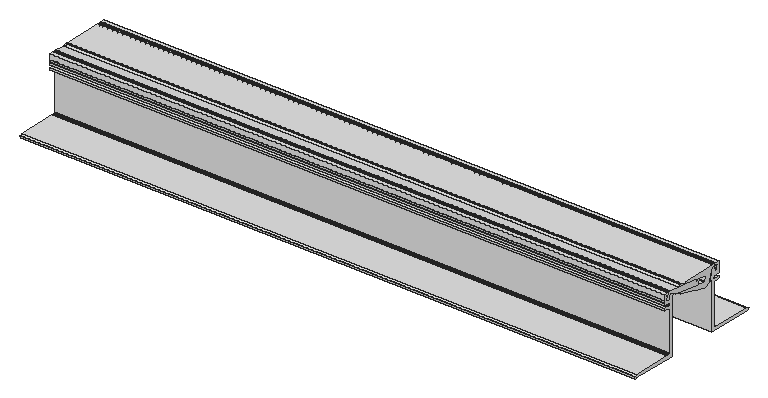
Revit family "Construction-Floors-Conecto-Aluminium Joints ALU AL.110.15", category Specialty Equipment, Revit 2015 (continued)
Definition of nested family "Rubber"
  Automatic sketch dimensions
    Extrusion 1 sketch curve to Extrusion 1 sketch curve = 1.418 mm
    level to Extrusion 1 sketch curve = 3.055 mm
    Extrusion 1 sketch curve to Extrusion 1 sketch curve = 0.294 mm
    level to Extrusion 1 sketch curve = 3.987 mm
    Extrusion 1 sketch curve to Extrusion 1 sketch curve = 0.495 mm
    level to Extrusion 1 sketch curve = 4.59 mm
    Extrusion 1 sketch curve to Extrusion 1 sketch curve = 0.524 mm
    level to Extrusion 1 sketch curve = 5.134 mm
    Extrusion 1 sketch curve to Extrusion 1 sketch curve = 0.696 mm
    level to Extrusion 1 sketch curve = 5.613 mm
    Extrusion 1 sketch curve to Extrusion 1 sketch curve = 0.902 mm
    level to Extrusion 1 sketch curve = 5.784 mm
    Extrusion 1 sketch curve to Extrusion 1 sketch curve = 1.385 mm
    Extrusion 1 sketch curve to Extrusion 1 sketch curve = 0.153 mm
    level to Extrusion 1 sketch curve = 5.623 mm
    Extrusion 1 sketch curve to Extrusion 1 sketch curve = 1.139 mm
    level to Extrusion 1 sketch curve = 9.504 mm
    Extrusion 1 sketch curve to Extrusion 1 sketch curve = 1.058 mm
    level to Extrusion 1 sketch curve = 5.284 mm
    Extrusion 1 sketch curve to Extrusion 1 sketch curve = 0.728 mm
    level to Extrusion 1 sketch curve = 4.742 mm
    Extrusion 1 sketch curve to Extrusion 1 sketch curve = 0.804 mm
    level to Extrusion 1 sketch curve = 9.126 mm
    Extrusion 1 sketch curve to Extrusion 1 sketch curve = 1.637 mm
    level to Extrusion 1 sketch curve = 4.185 mm
    Extrusion 1 sketch curve to Extrusion 1 sketch curve = 0.557 mm
    level to Extrusion 1 sketch curve = 3.521 mm
    Extrusion 1 sketch curve to Extrusion 1 sketch curve = 0.431 mm
    Extrusion 1 sketch curve to level = 0.209 mm
    Extrusion 1 sketch curve to Extrusion 1 sketch curve = 0.111 mm
    level to Extrusion 1 sketch curve = 0.725 mm
    Extrusion 1 sketch curve to Extrusion 1 sketch curve = 0.233 mm
    level to Extrusion 1 sketch curve = 2.484 mm
    Extrusion 1 sketch curve to Extrusion 1 sketch curve = 0.357 mm
    level to Extrusion 1 sketch curve = 1.621 mm
    Extrusion 1 sketch curve to Extrusion 1 sketch curve = 0.121 mm
    Extrusion 1 sketch curve to level = 1.128 mm
    Extrusion 1 sketch curve to Extrusion 1 sketch curve = 0.371 mm
    level to Extrusion 1 sketch curve = 7.972 mm
    Extrusion 1 sketch curve to Extrusion 1 sketch curve = 1.999 mm
    Extrusion 1 sketch curve to level = 1.212 mm
    Extrusion 1 sketch curve to Extrusion 1 sketch curve = 0.806 mm
    level to Extrusion 1 sketch curve = 6.502 mm
    Extrusion 1 sketch curve to level = 0.913 mm
    Extrusion 1 sketch curve to Extrusion 1 sketch curve = 1.696 mm
    level to Extrusion 1 sketch curve = 4.732 mm
    Extrusion 1 sketch curve to Extrusion 1 sketch curve = 0.981 mm
    Extrusion 1 sketch curve to level = 0.781 mm
    Extrusion 1 sketch curve to Extrusion 1 sketch curve = 0.836 mm
    level to Extrusion 1 sketch curve = 3.842 mm
    Extrusion 1 sketch curve to Extrusion 1 sketch curve = 0.324 mm
    Extrusion 1 sketch curve to level = 0.025 mm
    Extrusion 1 sketch curve to Extrusion 1 sketch curve = 0.305 mm
    level to Extrusion 1 sketch curve = 2.473 mm
    Extrusion 1 sketch curve to Extrusion 1 sketch curve = 0.241 mm
    level to Extrusion 1 sketch curve = 0.803 mm
    Extrusion 1 sketch curve to Extrusion 1 sketch curve = 0.087 mm
    level to Extrusion 1 sketch curve = 1.604 mm
    Extrusion 1 sketch curve to Extrusion 1 sketch curve = 0.084 mm
    level to Extrusion 1 sketch curve = 7.429 mm
    Extrusion 1 sketch curve to Extrusion 1 sketch curve = 0.802 mm
    level to Extrusion 1 sketch curve = 7.394 mm
    Extrusion 1 sketch curve to Extrusion 1 sketch curve = 0.053 mm
    Extrusion 1 sketch curve to Extrusion 1 sketch curve = 1.184 mm
    level to Extrusion 1 sketch curve = 0.139 mm
    level to Extrusion 2 sketch curve = 1.7 mm
    plane 1 "Center (Front/Back)" to Extrusion 2 sketch curve = 59.491 mm
    level to Extrusion 2 sketch curve = 0.161 mm
    Extrusion 2 sketch curve to Extrusion 2 sketch curve = 0.216 mm
    level to Extrusion 2 sketch curve = 3.671 mm
    Extrusion 2 sketch curve to Extrusion 2 sketch curve = 0.312 mm
    Extrusion 2 sketch curve to level = 0.764 mm
    Extrusion 2 sketch curve to Extrusion 2 sketch curve = 0.248 mm
    level to Extrusion 2 sketch curve = 5.199 mm
    Extrusion 2 sketch curve to Extrusion 2 sketch curve = 0.409 mm
    level to Extrusion 2 sketch curve = 6.933 mm
    Extrusion 2 sketch curve to Extrusion 2 sketch curve = 1.214 mm
    Extrusion 2 sketch curve to level = 1.256 mm
    Extrusion 2 sketch curve to Extrusion 2 sketch curve = 2.79 mm
    level to Extrusion 2 sketch curve = 8.419 mm
    Extrusion 2 sketch curve to Extrusion 2 sketch curve = 1.834 mm
    level to Extrusion 2 sketch curve = 1.745 mm
    Extrusion 2 sketch curve to Extrusion 2 sketch curve = 0.662 mm
    Extrusion 2 sketch curve to level = 0.948 mm
    Extrusion 2 sketch curve to Extrusion 2 sketch curve = 0.764 mm
    level to Extrusion 2 sketch curve = 2.6 mm
    Extrusion 2 sketch curve to Extrusion 2 sketch curve = 0.135 mm
    Extrusion 2 sketch curve to level = 0.104 mm
    Extrusion 2 sketch curve to Extrusion 2 sketch curve = 0.258 mm
    level to Extrusion 2 sketch curve = 3.599 mm
    Extrusion 2 sketch curve to Extrusion 2 sketch curve = 0.364 mm
    level to Extrusion 2 sketch curve = 4.278 mm
    Extrusion 2 sketch curve to Extrusion 2 sketch curve = 0.458 mm
    level to Extrusion 2 sketch curve = 4.889 mm
    Extrusion 2 sketch curve to Extrusion 2 sketch curve = 0.679 mm
    level to Extrusion 2 sketch curve = 9.363 mm
    Extrusion 2 sketch curve to Extrusion 2 sketch curve = 2.025 mm
    level to Extrusion 2 sketch curve = 5.32 mm
    Extrusion 2 sketch curve to Extrusion 2 sketch curve = 0.663 mm
    level to Extrusion 2 sketch curve = 5.632 mm
    Extrusion 2 sketch curve to Extrusion 2 sketch curve = 0.737 mm
    level to Extrusion 2 sketch curve = 5.781 mm
    Extrusion 2 sketch curve to Extrusion 2 sketch curve = 1.054 mm
    level to Extrusion 2 sketch curve = 9.702 mm
    Extrusion 2 sketch curve to Extrusion 2 sketch curve = 2.41 mm
    level to Extrusion 2 sketch curve = 5.612 mm
    Extrusion 2 sketch curve to Extrusion 2 sketch curve = 1.37 mm
    level to Extrusion 2 sketch curve = 5.257 mm
    Extrusion 2 sketch curve to Extrusion 2 sketch curve = 0.73 mm
    level to Extrusion 2 sketch curve = 4.76 mm
    Extrusion 2 sketch curve to Extrusion 2 sketch curve = 0.895 mm
    level to Extrusion 2 sketch curve = 4.227 mm
    Extrusion 2 sketch curve to Extrusion 2 sketch curve = 0.888 mm
    level to Extrusion 2 sketch curve = 3.499 mm
    Extrusion 2 sketch curve to Extrusion 2 sketch curve = 1.314 mm
    level to Extrusion 2 sketch curve = 2.714 mm
    level to Extrusion 2 sketch curve = 1.067 mm
    Extrusion 2 sketch curve to Extrusion 2 sketch curve = 1.332 mm
    level to Extrusion 2 sketch curve = 0.056 mm
    Extrusion 2 sketch curve to Extrusion 2 sketch curve = 0.271 mm
    level to Extrusion 2 sketch curve = 2.409 mm
    Extrusion 2 sketch curve to Extrusion 2 sketch curve = 0.839 mm
    Extrusion 2 sketch curve to level = 0.368 mm
    Extrusion 2 sketch curve to Extrusion 2 sketch curve = 1.701 mm
    level to Extrusion 2 sketch curve = 2.059 mm
    Extrusion 2 sketch curve to Extrusion 2 sketch curve = 1.974 mm
    Extrusion 2 sketch curve to level = 0.121 mm
    Extrusion 2 sketch curve to Extrusion 2 sketch curve = 0.921 mm
    level to Extrusion 2 sketch curve = 0.586 mm
    Extrusion 2 sketch curve to Extrusion 2 sketch curve = 0.495 mm
    level to Extrusion 2 sketch curve = 1.769 mm
    Extrusion 2 sketch curve to Extrusion 2 sketch curve = 2.186 mm
    Extrusion 2 sketch curve to Extrusion 2 sketch curve = 6.068 mm
    Extrusion 2 sketch curve to level = 0.044 mm
    level to Extrusion 2 sketch curve = 1.372 mm
    Extrusion 2 sketch curve to Extrusion 2 sketch curve = 0.365 mm
    level to Extrusion 2 sketch curve = 1.348 mm
    Extrusion 2 sketch curve to level = 6.287 mm
    Extrusion 2 sketch curve to Extrusion 2 sketch curve = 1.549 mm
Types (20, lengths in mm): name | Rubber Level | N CV | N | Length (mm) | built-in parameter 1001306 | 97 CV | 97 | .87 CV | .87 | .77 CV | .77 | .62 CV | .62 | .52 CV | .52 | 42 CV | 42 | .30 CV | .30 | .22 CV | .22 | .15 CV | .15 | #CONST_.20-70
  Aluminium Joints ALU AL.110.15.22 CV | 0 | no | no | 1000 | 1000 | no | no | no | no | no | no | no | no | no | no | no | no | no | no | yes | no | no | no | 70
  Aluminium Joints ALU AL.110.15.42 CV | 0 | no | no | 1000 | 1000 | no | no | no | no | no | no | no | no | no | no | yes | no | no | no | no | no | no | no | 30
  Aluminium Joints ALU AL.110.15.87 CV | 0 | no | no | 1000 | 1000 | no | no | yes | no | no | no | no | no | no | no | no | no | no | no | no | no | no | no | 50
  Aluminium Joints ALU AL.110.15.15 | 0 | no | no | 1000 | 1000 | no | no | no | no | no | no | no | no | no | no | no | no | no | no | no | no | no | yes | 60
  Aluminium Joints ALU AL.110.15.52 | 0 | no | no | 1000 | 1000 | no | no | no | no | no | no | no | no | no | yes | no | no | no | no | no | no | no | no | 70
  Aluminium Joints ALU AL.110.15.62 CV | 0 | no | no | 1000 | 1000 | no | no | no | no | no | no | yes | no | no | no | no | no | no | no | no | no | no | no | 70
  Aluminium Joints ALU AL.110.15.30 | 0 | no | no | 1000 | 1000 | no | no | no | no | no | no | no | no | no | no | no | no | no | yes | no | no | no | no | 70
  Aluminium Joints ALU AL.110.15.62 | 0 | no | no | 1000 | 1000 | no | no | no | no | no | no | no | yes | no | no | no | no | no | no | no | no | no | no | 50
  Aluminium Joints ALU AL.110.15.87 | 0 | no | no | 1000 | 1000 | no | no | no | yes | no | no | no | no | no | no | no | no | no | no | no | no | no | no | 70
  Aluminium Joints ALU AL.110.15 N CV | 4.5 | yes | no | 1000 | 1000 | no | no | no | no | no | no | no | no | no | no | no | no | no | no | no | no | no | no | 70
  Aluminium Joints ALU AL.110.15.77 | 0 | no | no | 1000 | 1000 | no | no | no | no | no | yes | no | no | no | no | no | no | no | no | no | no | no | no | 70
  Aluminium Joints ALU AL.110.15 N | 4.5 | no | yes | 1000 | 1000 | no | no | no | no | no | no | no | no | no | no | no | no | no | no | no | no | no | no | 70
  Aluminium Joints ALU AL.110.15.77 CV | 0 | no | no | 1000 | 1000 | no | no | no | no | yes | no | no | no | no | no | no | no | no | no | no | no | no | no | 70
  Aluminium Joints ALU AL.110.15.97 | 0 | no | no | 1000 | 1000 | no | yes | no | no | no | no | no | no | no | no | no | no | no | no | no | no | no | no | 70
  Aluminium Joints ALU AL.110.15.15 CV | 0 | no | no | 1000 | 1000 | no | no | no | no | no | no | no | no | no | no | no | no | no | no | no | no | yes | no | 70
  Aluminium Joints ALU AL.110.15.30 CV | 0 | no | no | 1000 | 1000 | no | no | no | no | no | no | no | no | no | no | no | no | yes | no | no | no | no | no | 20
  Aluminium Joints ALU AL.110.15.52 CV | 0 | no | no | 1000 | 1000 | no | no | no | no | no | no | no | no | yes | no | no | no | no | no | no | no | no | no | 30
  Aluminium Joints ALU AL.110.15.97 CV | 0 | no | no | 100 | 100 | yes | no | no | no | no | no | no | no | no | no | no | no | no | no | no | no | no | no | 50
  Aluminium Joints ALU AL.110.15.22 | 0 | no | no | 1000 | 1000 | no | no | no | no | no | no | no | no | no | no | no | no | no | no | no | yes | no | no | 60
  Aluminium Joints ALU AL.110.15.42 | 0 | no | no | 1000 | 1000 | no | no | no | no | no | no | no | no | no | no | no | yes | no | no | no | no | no | no | 70
